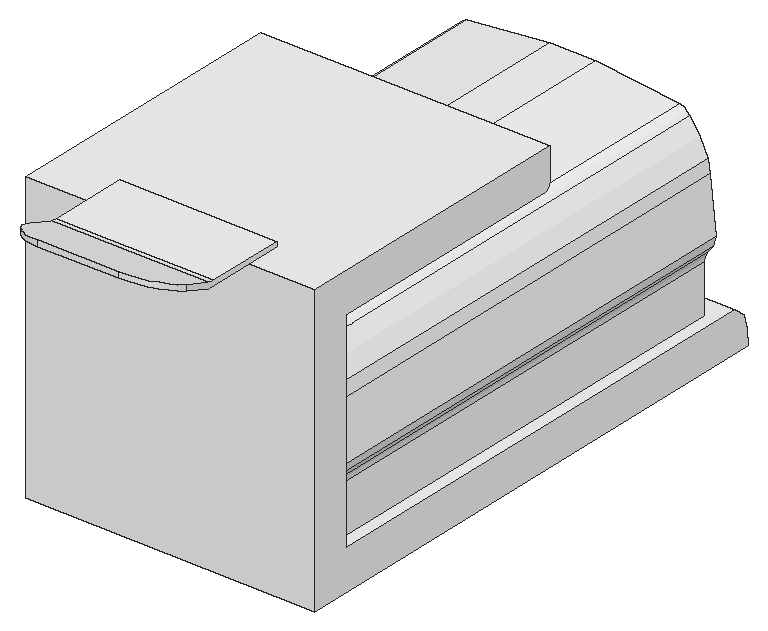
Revit family "NBS_DudleyIndustries_SoapDpnsrs_BehindTheMirrorRange_LiquidSoapDispenser0-4Litre", category Generic Models, host Face, Revit 2016
Family settings
  Host = Face
  Part Type = Normal
  Can host rebar = No
  Round Connector Dimension = Use Diameter
  OmniClass Number = 23.40.20.21.34
  OmniClass Title = Soap Holders, Dispensers
  Cut with Voids When Loaded = No
  Shared = No
  Room Calculation Point = No
Parameters
  WarrantyStartDate [instance] = "1900-12-31T23:59:59"
  WarrantyGuarantorParts = "sales@dudleyindustries.com"
  WarrantyGuarantorLabor = "n/a"
  WarrantyDurationUnit = "year"
  WarrantyDurationParts = "1"
  WarrantyDurationLabor = "n/a"
  WarrantyDescription = "1 year warranty"
  Version = "2"  # constant formula
  Uniclass2015Version = "Products v1.7"
  Uniclass2015Title = "Soap dispensers"
  Uniclass2015Code = "Pr_40_70_22_81"
  TagNumber [instance] = "n/a"
  SustainabilityPerformance = "n/a"
  Style = "Soap dispenser"
  Size = "212 x H.343 x 160 mm"
  Shape = "n/a"
  SerialNumber [instance] = "n/a"
  Revision = "n/a"
  ReplacementCost = "n/a"
  ProductInformation = "www.dudleyindustries.com/wp-content/uploads/2016/11/0.4-Litre-Liquid-Soap-Dispenser.pdf"
  Operation = "Manual pull lever operation"
  NominalWidth = 110 mm  # constant formula
  NominalLength = NominalWidth  # 110 mm
  NominalHeight = 250 mm  # constant formula
  NominalDepth = 120 mm  # constant formula
  Name = "SoapDispensers_BehindTheMirrorRange_LiquidSoapdispenser0-4litre_DudleyIndustries"
  NBSTypeID = "n/a"
  NBSReference = "45-35-72/358"
  NBSOfficeMasterTag = "n/a"
  NBSNote = "n/a"
  NBSDescription = "Soap dispensers"
  NBSCertification = "www.nationalbimlibrary.com/cert/q4tkfio1"
  ModelReference = "Behind the Mirror Range: Liquid Soap dispenser 0.4 litre"
  ModelNumber = "92020"
  MaterialsFinishColour = "Brushed"
  MaterialsBody = "Stainless Steel"
  Material = "Stainless Steel"
  ManufacturerURL = "www.dudleyindustries.com/"
  ManufacturerName = "Dudley Industries"  # constant formula
  Manufacturer = "sales@dudleyindustries.com"
  MainColor = "Stainless Steel"
  IntegralAccessories = "n/a"
  InstallationDate [instance] = "1900-12-31T23:59:59"
  IfcExportType = "NOTDEFINED"  # constant formula
  IfcExportAs = "IfcFurnitureType"  # constant formula
  Grade = "n/a"
  Form = "Fixed in line with base of cabinet"
  Finish = "Brushed"
  Features = "n/a"
  ExpectedLife = "5"
  EnvironmentalProductDeclaration = "n/a"
  DurationUnit = "year"
  DispenserLevelMaterial = NBS_Concept
  DispenserCaseMaterial = NBS_Concept
  Description = "Lever operated ‘Behind the Mirror’ 0.4 litre liquid Soap Dispenser"
  Default Elevation = 1200 mm
  Constituents = "n/a"
  Color = "n/a"
  CodePerformance = "n/a"
  Category = "Pr_40_70_22_81:Soap dispensers"
  BarCode [instance] = "n/a"
  BIMObjectName = "NBS_DudleyIndustries_SoapDispensers_BehindtheMirrorRange_LiquidSoapdispenser0-4litre"
  Author = "NBS"  # constant formula
  AssetType = "Fixed"
  AssetIdentifier [instance] = "n/a"
  AccessibilityPerformance = "n/a"
Reference planes
  plane 1 "Center (Front/Back)": y = 0
  plane 2: z = 0
  plane 3 "Center (Left/Right)": x = 0
  plane 4: x = -55
  plane 5: x = 55
  plane 6: y = 125
  plane 7: y = -125
  plane 8: z = 120
  plane 9: y = -81.655
  plane 10 "Front": z = 109.8
  plane 11: y = 30.245
  plane 12: z = 87.493
  plane 13: y = 110.129
  plane 14: z = 15
  plane 15: x = -29.998
  plane 16: x = 30.002
  plane 17: z = 111.7
  plane 18: through (-29.998, -108.981, 115.126) normal (0, -0.342, -0.9397)
  plane 19: through (-29.998, -85.023, 104.277) normal (0, -0.342, -0.9397)
  plane 20: y = -68.347
  plane 21: y = 30.245
  plane 22: y = 110.129
  plane 23: x = -0.85
  plane 24: x = 0.853
  plane 25: y = 116.464
  plane 26: through (-0.85, 110.129, 54.81) normal (0, 0.1219, 0.9925)
  plane 27: through (-0.85, 110.129, 33.732) normal (0, -0.0872, 0.9962)
  plane 28: y = 110.129
  plane 29: z = 111.7
  plane 30: through (-30, -123.752, 120.502) normal (0, 0.342, 0.9397)
  plane 31: through (-30, -130.65, 121.314) normal (0, 0.342, 0.9397)
  plane 32: y = -68.347
  plane 33: through (-30, -124.86, 119.638) normal (0, -0.9397, 0.342)
  plane 34: z = 110.1
  plane 35: z = 94.8
  plane 36: y = -66.655
  plane 37: z = 15
  plane 38: y = 110.241
  plane 39: z = 10.792
  plane 40: z = 87.493
  plane 41: x = -49.838
  plane 42: x = 49.762
  plane 43: y = -66.655
Forms (mm)
  Extrusion 1, solid, material "NBS_Concept" <- "DispenserCaseMaterial", detail levels coarse
    sketch origin (-55, 0, 0) x (0, 1, 0) y (0, 0, 1)
      loop
        line (-81.655, 0) -> (125, 0) -> (125, 15) -> (110.129, 15) -> (110.129, 87.493) -> (30.245, 87.493) -> (30.245, 109.8) -> (-81.655, 109.8) -> (-81.655, 0)
    from 0 to 110
  Extrusion 2, solid, material "NBS_Concept" <- "DispenserLevelMaterial", detail levels medium+fine
    sketch origin (-29.998, 0, 0) x (0, 1, 0) y (0, 0, 1)
      loop
        line (-68.347, 109.8) -> (-68.347, 111.7) -> (-98.347, 111.7)
        arc (-98.347, 111.7) -> (-99.55, 111.805) -> (-100.716, 112.118) r 6.926
        line (-100.716, 112.118) -> (-125, 120.956) -> (-125, 118.828) -> (-101.101, 110.129)
        arc (-101.101, 110.129) -> (-100.181, 109.883) -> (-99.233, 109.8) r 5.461
        line (-99.233, 109.8) -> (-68.347, 109.8)
    from 0 to 60
  Extrusion 3, solid, material "NBS_Concept" <- "DispenserCaseMaterial", detail levels medium+fine
    sketch origin (-55, 0, 0) x (0, 1, 0) y (0, 0, 1)
      loop
        line (-81.655, 0) -> (125, 0)
        arc (125, 0) -> (124.406, 6.023) -> (122.638, 11.811) r 30.562
        arc (122.638, 11.811) -> (120.612, 13.425) -> (118.555, 15) r 132.561
        line (118.555, 15) -> (-66.655, 15) -> (-66.655, 94.8) -> (27.226, 94.8)
        arc (27.226, 94.8) -> (29.361, 95.684) -> (30.245, 97.819) r 3.019
        line (30.245, 97.819) -> (30.245, 109.8) -> (-81.655, 109.8) -> (-81.655, 0)
    from -0.246 to 110
  Extrusion 4, solid, material "NBS_Concept" <- "DispenserCaseMaterial", detail levels medium+fine
    sketch origin (-0.85, 0, 0) x (0, 1, 0) y (0, 0, 1)
      loop
        line (110.129, 33.732) -> (113.873, 34.059)
        arc (113.873, 34.059) -> (115.718, 34.969) -> (116.464, 36.887) r 2.838
        line (116.464, 36.887) -> (116.464, 51.842)
        arc (116.464, 51.842) -> (115.842, 53.482) -> (114.29, 54.299) r 2.475
        line (114.29, 54.299) -> (110.129, 54.81) -> (110.129, 33.732)
    from 0 to 1.703
  Extrusion 5, solid, material "NBS_Concept" <- "DispenserLevelMaterial", detail levels coarse
    sketch origin (-30, 0, 0) x (0, 1, 0) y (0, 0, 1)
      loop
        line (-70.842, 111.7) -> (-98.106, 111.7)
        arc (-98.106, 111.7) -> (-99.546, 111.826) -> (-100.943, 112.2) r 8.292
        line (-100.943, 112.2) -> (-124.453, 120.757) -> (-124.999, 119.257) -> (-101.398, 110.667)
        arc (-101.398, 110.667) -> (-99.815, 110.243) -> (-98.182, 110.1) r 9.404
        line (-98.182, 110.1) -> (-71.283, 110.1)
        arc (-71.283, 110.1) -> (-70.637, 110.024) -> (-70.027, 109.8) r 2.777
        line (-70.027, 109.8) -> (-68.419, 109.8)
        arc (-68.419, 109.8) -> (-69.302, 111.168) -> (-70.842, 111.7) r 2.495
    from 0.002 to 60.002
  Extrusion 6, void, detail levels medium+fine
    sketch origin (0, 0, 0) x (1, 0, 0) y (0, 1, 0)
      loop
        line (-29.998, -110.807) -> (-29.998, -125) -> (-15.806, -125)
        arc (-15.806, -125) -> (-25.841, -120.843) -> (-29.998, -110.807) r 14.193
      loop
        line (30.002, -125) -> (30.002, -111.494)
        arc (30.002, -111.494) -> (25.042, -121.069) -> (15.002, -125) r 15.311
        line (15.002, -125) -> (30.002, -125)
    from 109.8 to 122.361
  Extrusion 7, solid, material "NBS_Concept" <- "DispenserCaseMaterial", detail levels medium+fine
    sketch origin (0, 110.241, 0) x (1, 0, 0) y (0, 0, 1)
      loop
        line (49.762, 10.792) -> (49.762, 33.499)
        arc (49.762, 33.499) -> (50.345, 35.483) -> (51.404, 37.26) r 8.24
        line (51.404, 37.26) -> (53.405, 39.821) -> (54.348, 43.341) -> (52.16, 64.163)
        arc (52.16, 64.163) -> (51.887, 66.65) -> (51.464, 69.115) r 41.438
        arc (51.464, 69.115) -> (48.396, 75.446) -> (44.447, 81.269) r 48.668
        arc (44.447, 81.269) -> (42.723, 82.954) -> (40.628, 84.146) r 9.415
        arc (40.628, 84.146) -> (24.754, 86.263) -> (8.786, 87.493) r 287.862
        arc (8.786, 87.493) -> (0, 87.709) -> (-8.786, 87.493) r 179.088
        arc (-8.786, 87.493) -> (-24.754, 86.263) -> (-40.628, 84.146) r 287.862
        arc (-40.628, 84.146) -> (-42.723, 82.954) -> (-44.447, 81.269) r 9.415
        arc (-44.447, 81.269) -> (-48.396, 75.446) -> (-51.464, 69.115) r 48.668
        arc (-51.464, 69.115) -> (-51.887, 66.65) -> (-52.16, 64.163) r 41.438
        line (-52.16, 64.163) -> (-54.348, 43.341) -> (-53.405, 39.821) -> (-51.404, 37.26)
        arc (-51.404, 37.26) -> (-50.429, 35.669) -> (-49.838, 33.9) r 8.24
        line (-49.838, 33.9) -> (-49.838, 10.792) -> (49.762, 10.792)
    from 0 to 176.896
Cuts and joins
  Extrusion 6 cuts Extrusion 2
Lines and regions (mm)
  symbolic lines, detail levels fine
    curve 1: line (-11.292, -109.756, 109.8) -> (-11.292, -108.136, 109.8)
    curve 2: line (-17.074, -115.138, 109.8) -> (-17.074, -116.766, 109.8)
    curve 3: arc (-11.292, -108.136, 109.8) -> (-12.439, -107.861, 109.8) -> (-13.618, -107.81, 109.8) r 6.122
    curve 4: arc (-13.618, -107.81, 109.8) -> (-14.912, -107.955, 109.8) -> (-16.086, -108.518, 109.8) r 3.913
    curve 5: arc (-16.086, -108.518, 109.8) -> (-16.656, -109.069, 109.8) -> (-17.029, -109.768, 109.8) r 2.556
    curve 6: arc (-17.029, -109.768, 109.8) -> (-17.074, -110.378, 109.8) -> (-17.029, -110.987, 109.8) r 4.099
    curve 7: arc (-17.029, -110.987, 109.8) -> (-16.514, -111.857, 109.8) -> (-15.746, -112.515, 109.8) r 3.099
    curve 8: arc (-15.746, -112.515, 109.8) -> (-14.65, -113.113, 109.8) -> (-13.504, -113.609, 109.8) r 13.701
    curve 9: arc (-13.504, -113.609, 109.8) -> (-12.878, -114.07, 109.8) -> (-12.582, -114.789, 109.8) r 1.445
    curve 10: arc (-12.582, -114.789, 109.8) -> (-12.896, -115.549, 109.8) -> (-13.656, -115.864, 109.8) r 1.074
    curve 11: arc (-13.656, -115.864, 109.8) -> (-14.518, -115.964, 109.8) -> (-15.381, -115.864, 109.8) r 3.758
    curve 12: arc (-15.381, -115.864, 109.8) -> (-16.285, -115.635, 109.8) -> (-17.074, -115.138, 109.8) r 2.991
    curve 13: arc (-12.046, -116.661, 109.8) -> (-12.783, -117.057, 109.8) -> (-13.608, -117.194, 109.8) r 2.556
    curve 14: arc (-13.608, -117.194, 109.8) -> (-14.584, -117.287, 109.8) -> (-15.56, -117.197, 109.8) r 5.24
    curve 15: arc (-15.56, -117.197, 109.8) -> (-16.336, -117.049, 109.8) -> (-17.074, -116.766, 109.8) r 4.491
    curve 16: arc (-12.046, -116.661, 109.8) -> (-11.255, -115.991, 109.8) -> (-10.893, -115.019, 109.8) r 2.054
    curve 17: arc (-10.893, -115.019, 109.8) -> (-11.313, -113.313, 109.8) -> (-12.719, -112.26, 109.8) r 2.609
    curve 18: arc (-12.719, -112.26, 109.8) -> (-13.589, -111.838, 109.8) -> (-14.471, -111.443, 109.8) r 31.489
    curve 19: arc (-14.471, -111.443, 109.8) -> (-15.016, -111.049, 109.8) -> (-15.34, -110.461, 109.8) r 1.535
    curve 20: arc (-11.292, -109.756, 109.8) -> (-12.429, -109.382, 109.8) -> (-13.623, -109.313, 109.8) r 4.622
    curve 21: arc (-13.623, -109.313, 109.8) -> (-14.319, -109.353, 109.8) -> (-14.974, -109.59, 109.8) r 2.413
    curve 22: arc (-15.34, -110.461, 109.8) -> (-15.311, -109.961, 109.8) -> (-14.974, -109.59, 109.8) r 0.75
    curve 23: arc (-8.016, -112.065, 109.8) -> (-5.083, -109.131, 109.8) -> (-2.149, -112.065, 109.8) r 2.934
    curve 24: line (-8.016, -112.065, 109.8) -> (-8.016, -112.924, 109.8)
    curve 25: arc (-8.016, -112.924, 109.8) -> (-5.083, -115.858, 109.8) -> (-2.149, -112.924, 109.8) r 2.934
    curve 26: line (-2.149, -112.924, 109.8) -> (-2.149, -112.065, 109.8)
    curve 27: arc (-9.516, -112.065, 109.8) -> (-5.083, -107.631, 109.8) -> (-0.649, -112.065, 109.8) r 4.434
    curve 28: arc (-9.516, -112.924, 109.8) -> (-5.083, -117.358, 109.8) -> (-0.649, -112.924, 109.8) r 4.434
    curve 29: line (-9.516, -112.065, 109.8) -> (-9.516, -112.924, 109.8)
    curve 30: line (-0.649, -112.924, 109.8) -> (-0.649, -112.065, 109.8)
    curve 31: line (0.259, -117.097, 109.8) -> (3.931, -108.007, 109.8)
    curve 32: line (3.931, -108.007, 109.8) -> (5.734, -108.007, 109.8)
    curve 33: line (5.734, -108.007, 109.8) -> (9.342, -117.129, 109.8)
    curve 34: line (9.342, -117.129, 109.8) -> (7.55, -117.129, 109.8)
    curve 35: line (7.55, -117.129, 109.8) -> (6.658, -114.805, 109.8)
    curve 36: line (6.658, -114.805, 109.8) -> (2.852, -114.805, 109.8)
    curve 37: line (2.852, -114.805, 109.8) -> (2.018, -117.097, 109.8)
    curve 38: line (2.018, -117.097, 109.8) -> (0.259, -117.097, 109.8)
    curve 39: line (4.779, -109.319, 109.8) -> (3.332, -113.522, 109.8)
    curve 40: line (3.332, -113.522, 109.8) -> (6.211, -113.522, 109.8)
    curve 41: line (6.211, -113.522, 109.8) -> (4.779, -109.319, 109.8)
    curve 42: line (10.643, -117.124, 109.8) -> (10.643, -107.971, 109.8)
    curve 43: line (10.643, -107.971, 109.8) -> (14.155, -107.971, 109.8)
    curve 44: arc (14.155, -107.971, 109.8) -> (17.092, -110.909, 109.8) -> (14.155, -113.846, 109.8) r 2.938
    curve 45: line (14.155, -113.846, 109.8) -> (12.246, -113.846, 109.8)
    curve 46: line (12.246, -113.846, 109.8) -> (12.246, -117.124, 109.8)
    curve 47: line (12.246, -117.124, 109.8) -> (10.643, -117.124, 109.8)
    curve 48: line (12.246, -109.186, 109.8) -> (12.246, -112.53, 109.8)
    curve 49: line (12.246, -112.53, 109.8) -> (13.724, -112.53, 109.8)
    curve 50: arc (13.724, -112.53, 109.8) -> (15.396, -110.858, 109.8) -> (13.724, -109.186, 109.8) r 1.672
    curve 51: line (13.724, -109.186, 109.8) -> (12.246, -109.186, 109.8)
Dimensions and locks
  "NominalWidth": plane 4 to plane 5
  "NominalHeight": plane 7 to plane 6
  "NominalDepth": plane 8 to plane 2
  aligned and locked: plane 2 to host face
  aligned and locked: level to host face
  aligned and locked: Extrusion 1 sketch curve to plane 11
  aligned and locked: Extrusion 1 sketch curve to plane 12
  aligned and locked: Extrusion 1 sketch curve to plane 13
  aligned and locked: Extrusion 1 sketch curve to plane 14
  aligned and locked: Extrusion 2 sketch curve to plane 20
  aligned and locked: Extrusion 2 sketch curve to plane 17
  aligned and locked: Extrusion 2 sketch curve to plane 19
  aligned and locked: Extrusion 2 sketch curve to plane 18
  aligned and locked: Extrusion 3 sketch curve to plane 21
  aligned and locked: plane 5 to Extrusion 3
  aligned and locked: Extrusion 4 sketch curve to plane 28
  aligned and locked: Extrusion 4 sketch curve to plane 26
  aligned and locked: Extrusion 4 sketch curve to plane 25
  aligned and locked: Extrusion 4 sketch curve to plane 27
  aligned and locked: plane 23 to Extrusion 4
  aligned and locked: Extrusion 4 to plane 24
  aligned and locked: Extrusion 5 sketch curve to plane 29
  aligned and locked: Extrusion 5 sketch curve to plane 34
  aligned and locked: Extrusion 5 sketch curve to plane 30
  aligned and locked: Extrusion 5 sketch curve to plane 31
  aligned and locked: Extrusion 5 sketch curve to plane 33
  aligned and locked: Extrusion 6 sketch curve to plane 15
  aligned and locked: Extrusion 6 sketch curve to plane 7
  aligned and locked: Extrusion 6 sketch curve to plane 16
  aligned and locked: Extrusion 7 to plane 38
Automatic sketch dimensions
  host sketch curve to host sketch curve = 440.199 mm
  host sketch curve to host sketch curve = 440.84 mm
  Extrusion 1 sketch curve to plane 9 = 0 mm
  Extrusion 1 sketch curve to level = 0 mm
  Extrusion 1 sketch curve to plane 6 = 0 mm
  Extrusion 1 sketch curve to plane 10 "Front" = 0 mm
  Extrusion 2 sketch curve to plane 7 = 0 mm
  Extrusion 2 sketch curve to plane 10 "Front" = 0 mm
  plane 10 "Front" to Extrusion 2 sketch curve = 0.329 mm
  Extrusion 2 sketch curve to plane 17 = 0.418 mm
  Extrusion 2 sketch curve to Extrusion 2 sketch curve = 1.868 mm
  Extrusion 2 sketch curve to plane 8 = 1.374 mm
  Extrusion 3 sketch curve to plane 9 = 0 mm
  Extrusion 3 sketch curve to plane 36 = 0 mm
  Extrusion 3 sketch curve to plane 35 = 0 mm
  plane 37 to Extrusion 3 sketch curve = 0 mm
  Extrusion 3 sketch curve to level = 0 mm
  Extrusion 3 sketch curve to plane 6 = 0 mm
  Extrusion 3 sketch curve to plane 10 "Front" = 0 mm
  Extrusion 3 sketch curve to plane 21 = 3.019 mm
  plane 21 to Extrusion 3 sketch curve = 8.754 mm
  level to Extrusion 3 sketch curve = 0.029 mm
  plane 22 to Extrusion 3 sketch curve = 15.69 mm
  plane 6 to Extrusion 3 sketch curve = 6.445 mm
  Extrusion 3 sketch curve to level = 91.035 mm
  Extrusion 4 sketch curve to Extrusion 4 sketch curve = 2.838 mm
  plane 25 to Extrusion 4 sketch curve = 2.591 mm
  Extrusion 4 sketch curve to Extrusion 4 sketch curve = 2.475 mm
  plane 25 to Extrusion 4 sketch curve = 2.173 mm
  Extrusion 5 sketch curve to plane 10 "Front" = 0 mm
  plane 34 to Extrusion 5 sketch curve = 0.567 mm
  Extrusion 5 sketch curve to plane 29 = 0.5 mm
  Extrusion 5 sketch curve to Extrusion 5 sketch curve = 3.216 mm
  Extrusion 5 sketch curve to Extrusion 5 sketch curve = 0.075 mm
  plane 32 to Extrusion 5 sketch curve = 2.936 mm
  Extrusion 5 sketch curve to Extrusion 5 sketch curve = 0.441 mm
  Extrusion 5 sketch curve to Extrusion 5 sketch curve = 0.814 mm
  plane 32 to Extrusion 5 sketch curve = 0.072 mm
  Extrusion 6 sketch curve to plane 15 = 0 mm
  plane 7 to Extrusion 6 sketch curve = 0 mm  (x2)
  Extrusion 6 sketch curve to plane 7 = 14.193 mm
  Extrusion 6 sketch curve to plane 24 = 13.944 mm
  Extrusion 6 sketch curve to plane 24 = 14.148 mm
  Extrusion 6 sketch curve to Extrusion 6 sketch curve = 13.506 mm
  Extrusion 6 sketch curve to Extrusion 6 sketch curve = 0 mm  (x2)
  Extrusion 7 sketch curve to plane 39 = 0 mm
  plane 41 to Extrusion 7 sketch curve = 0 mm
  Extrusion 7 sketch curve to plane 40 = 0 mm  (x4)
  Extrusion 7 sketch curve to plane 3 "Center (Left/Right)" = 0 mm
  plane 42 to Extrusion 7 sketch curve = 0 mm
  plane 41 to Extrusion 7 sketch curve = 1.567 mm
  plane 41 to Extrusion 7 sketch curve = 2.322 mm
  plane 4 to Extrusion 7 sketch curve = 1.595 mm
  plane 4 to Extrusion 7 sketch curve = 0.652 mm
  Extrusion 7 sketch curve to plane 4 = 2.897 mm
  Extrusion 7 sketch curve to plane 15 = 7.059 mm
  plane 23 to Extrusion 7 sketch curve = 10.002 mm
  plane 23 to Extrusion 7 sketch curve = 5.398 mm
  plane 23 to Extrusion 7 sketch curve = 4.486 mm
  Extrusion 7 sketch curve to plane 24 = 4.483 mm
  Extrusion 7 sketch curve to plane 24 = 5.395 mm
  Extrusion 7 sketch curve to plane 24 = 9.999 mm
  Extrusion 7 sketch curve to plane 16 = 7.055 mm
  Extrusion 7 sketch curve to plane 42 = 1.642 mm
  Extrusion 7 sketch curve to plane 42 = 2.397 mm
  Extrusion 7 sketch curve to plane 5 = 1.595 mm
  Extrusion 7 sketch curve to plane 5 = 0.652 mm
  plane 5 to Extrusion 7 sketch curve = 2.897 mm
  Extrusion 7 sketch curve to level = 91.379 mm
  Extrusion 7 sketch curve to Extrusion 7 sketch curve = 108.643 mm
  Extrusion 7 sketch curve to plane 39 = 21.395 mm  (x2)
  Extrusion 7 sketch curve to Extrusion 7 sketch curve = 1.312 mm
  Extrusion 7 sketch curve to Extrusion 7 sketch curve = 1.713 mm
  Extrusion 7 sketch curve to Extrusion 7 sketch curve = 2.561 mm  (x2)
  Extrusion 7 sketch curve to Extrusion 7 sketch curve = 3.521 mm  (x2)
  Extrusion 7 sketch curve to plane 40 = 36.381 mm
  Extrusion 7 sketch curve to Extrusion 7 sketch curve = 0 mm  (x3)
  Extrusion 7 sketch curve to Extrusion 7 sketch curve = 9.771 mm  (x2)
  Extrusion 7 sketch curve to Extrusion 7 sketch curve = 20.822 mm  (x2)
  Extrusion 7 sketch curve to plane 40 = 12.059 mm  (x2)
  plane 41 to Extrusion 7 sketch curve = 1.626 mm
  Extrusion 7 sketch curve to plane 40 = 3.347 mm
  curve 3 to curve 20 = 0 mm  (x2)
  curve 4 to curve 21 = 0 mm  (x2)
  curve 23 to curve 27 = 0 mm  (x2)
  curve 25 to curve 28 = 0 mm
  plane 23 to curve 8 = 7.794 mm
  plane 9 to curve 8 = 19.144 mm
  curve 42 to plane 7 = 17.029 mm
  curve 33 to plane 24 = 4.88 mm
  curve 42 to curve 33 = 0.036 mm
  curve 8 to curve 1 = 7.338 mm
  curve 41 to plane 24 = 3.926 mm
  curve 31 to curve 41 = 1.312 mm
  curve 3 to curve 1 = 1.619 mm
  curve 20 to curve 7 = 0.109 mm
  curve 7 to curve 19 = 0.168 mm
  curve 7 to curve 22 = 0.387 mm
  curve 19 to curve 6 = 0.344 mm
  curve 22 to curve 5 = 0.355 mm
  curve 44 to curve 50 = 2.887 mm
  curve 50 to curve 44 = 0.051 mm
  curve 5 to curve 4 = 1.11 mm
  curve 4 to curve 14 = 0.33 mm
  curve 1 to curve 24 = 2.309 mm
  curve 14 to curve 11 = 0.159 mm
  curve 49 to curve 45 = 1.316 mm
  curve 11 to curve 15 = 0.523 mm
  curve 15 to curve 12 = 0.156 mm
  curve 27 to curve 29 = 0.86 mm
  curve 41 to plane 24 = 5.358 mm
  curve 39 to curve 41 = 4.203 mm
  curve 12 to curve 20 = 1.037 mm
  curve 20 to curve 13 = 0.715 mm
  curve 13 to curve 17 = 0.115 mm
  curve 13 to curve 10 = 0.151 mm
  curve 40 to curve 35 = 1.283 mm
  curve 9 to curve 16 = 0.02 mm
  curve 10 to curve 9 = 0.17 mm
  curve 12 to curve 2 = 2.253 mm
  curve 2 to curve 2 = 1.628 mm
  curve 37 to plane 24 = 1.164 mm
  curve 36 to curve 37 = 2.292 mm
  curve 45 to curve 42 = 3.278 mm
  curve 35 to curve 34 = 2.324 mm
  plane 15 to curve 18 = 3.101 mm
  plane 7 to curve 18 = 15.378 mm
  plane 15 to curve 2 = 12.924 mm
  curve 2 to curve 12 = 1.967 mm
  curve 15 to curve 12 = 0 mm
  curve 15 to curve 22 = 0.488 mm
  curve 22 to curve 5 = 0.004 mm
  curve 15 to curve 14 = 0.514 mm
  curve 14 to curve 11 = 0.075 mm
  curve 22 to curve 7 = 0.479 mm
  curve 12 to curve 9 = 1.091 mm
  curve 7 to curve 19 = 0.274 mm
  curve 14 to curve 21 = 0.76 mm
  curve 9 to curve 10 = 0.361 mm
  curve 10 to curve 13 = 0.048 mm
  curve 13 to curve 17 = 0.12 mm
  curve 13 to curve 20 = 0.317 mm
  curve 19 to curve 6 = 0.89 mm
  curve 17 to curve 16 = 0.552 mm
  curve 6 to curve 1 = 1.683 mm
  curve 1 to curve 29 = 1.776 mm
  curve 27 to curve 24 = 1.5 mm
  curve 25 to curve 28 = 2.934 mm
  plane 3 "Center (Left/Right)" to curve 31 = 0.259 mm
  curve 37 to plane 24 = 1.999 mm
  curve 36 to curve 40 = 0.48 mm
  curve 32 to curve 39 = 0.848 mm
  curve 40 to curve 35 = 0.447 mm
  curve 35 to curve 34 = 0.892 mm
  curve 34 to curve 34 = 1.792 mm
  curve 33 to curve 42 = 1.301 mm
  curve 42 to curve 48 = 1.603 mm
  curve 45 to curve 48 = 0 mm
  curve 48 to curve 50 = 1.479 mm
  curve 49 to curve 45 = 0.43 mm
  curve 4 to curve 7 = 2.055 mm
  curve 5 to curve 4 = 0 mm
  curve 20 to curve 7 = 0.552 mm
  curve 22 to curve 21 = 0 mm
  curve 5 to curve 6 = 1.251 mm
  curve 19 to curve 22 = 0 mm
  curve 6 to curve 7 = 1.219 mm
  curve 18 to curve 19 = 0 mm
  curve 21 to curve 18 = 0.544 mm
  curve 8 to curve 7 = 0 mm
  curve 9 to curve 8 = 0 mm
  curve 16 to curve 17 = 0 mm
  curve 10 to curve 16 = 0.797 mm
